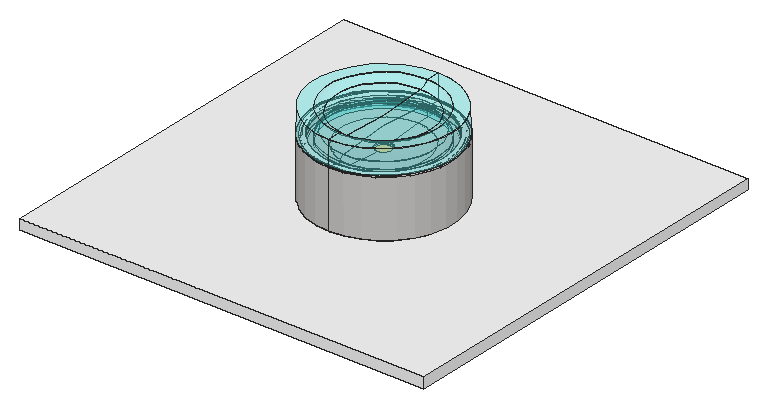
Revit family "BE_50567.2_de_DE", category Leuchten, Revit 2020
Family settings
  Basisbauteil = Fläche
  Bemaßung runder Anschluss = Durchmesser verwenden
  Teiletyp = Normal
  Beim Laden mit Abzugskörper schneiden = Ja
  Lichtquelle = Ja
  Gemeinsam genutzt = Nein
  Raumberechnungspunkt = Ja
Parameters (values of type "BEGA_50567.2_K3")
  built-in parameter 1150104 = 14.016 (stored number, unit not read)
  Wattage = 11.5 W
  Default Elevation = 0 mm
  built-in parameter 1150113 = 1 (stored number, unit not read)
  built-in parameter 1114218 = 1 (stored number, unit not read)
  Umgebungstemperatur = "25 °C"
  URL = "https://www.bega.com/de/produkt/50567.2"
  Typenkommentare = "© 2023 BEGA. Wir behalten uns das Recht vor, technische Änderungen ohne vorherige Ankündigung vorzunehmen."  # constant formula
  built-in parameter 1150134 = (empty or 0)
  built-in parameter 1150109 = 1 (stored number, unit not read)
  Strom = ""
  built-in parameter 1150110 = 1 (stored number, unit not read)
  Spannung = 239.996 V
  Sonderanfertigung = no
  Seriennummer [instance] = "Hier können Sie die eindeutige Seriennummer für das Facility Management eintragen."
  Schutzklasse = "I"
  Schutzart = "IP 20"
  Scheinlast = 0 VA
  Produktdatenblatt = "https://cdn.bega.com/bega/products/50567.2K3/current/documents/data-sheets/de"
  Oberflächentemperatur = ""
  Neigungswinkel = 0.00°
  Modell = "50567.2K3"
  Material_17 = BEGA_Reflektor
  Material_15 = BEGA_Leuchtmedium_matt
  Material_09 = BEGA_Glas_klar
  Material_06 = BEGA_Oberfläche_Edelstahl_gebürstet
  Material_05 = BEGA_Oberfläche_Aluminium Guss
  M_W = no
  M_G = no
  M_A = no
  Logo = 0
  built-in parameter 1114217 = 1 (stored number, unit not read)
  built-in parameter 1150139 = (empty or 0)
  built-in parameter 1150105 = 138.07 (stored number, unit not read)
  built-in parameter 1150114 = 1 (stored number, unit not read)
  Lumens = 1735 lm
  built-in parameter 1150115 = 1 (stored number, unit not read)
  Leuchtenlichtstrom = "1389 lm"
  Leuchtenanzahl = ""
  Lebensdauerkriterien = "L70B50 @ 25 °C = 200000 h"
  Lastklassifizierung = Beleuchtung
  built-in parameter 1150112 = 1 (stored number, unit not read)
  Lampenlichtstrom = "1735 lm"
  Lampe = "LED 11.5 W"
  LED_Modulbezeichnung = "LED-0800/930"
  Hersteller = "BEGA"  # constant formula
  Halbstreuwinkel = ""
  Gewicht = "1.3 kg"
  Gebrauchslageneinschränkung [instance] = ""
  Frequenz = "0/50-60 Hz"
  Farbwiedergabeindex = "CRI > 90"
  Farbtemperaturverschiebung bei Dämpfen der Lampe = <Keine Auswahl>
  Farbtemperatur = "3000 K"
  Color Filter = 16777215
  built-in parameter 1150133 = 10 (stored number, unit not read)
  Energieeffizienzklasse = "LED A++ - A"
  built-in parameter 1150137 = (empty or 0)
  built-in parameter 1150132 = (empty or 0)
  ENEC = "ja"
  Dimmbar [instance] = "on/off"
  Datei für fotometrisches Netz = "BE_50567K3.IES"
  CE_Konformität = "ja"
  Bestellnummer = "50567.2K3"
  Beschreibung_Sonderanfertigung = "Hier können Sie Informationen zur Sonderanfertigung eintragen."
  Beschreibung = "Deckenleuchte"
  built-in parameter 1150106 = 1.3807 (stored number, unit not read)
  Befestigungsbohrung = "Ø 4,5 mm"
  Befestigungsabstand = "112 mm"
  Ballwurfsicher = ""
  BEGA_Intern_aus = yes
  BEGA_Intern_an = yes
  BEGA_Intern_Konstruktion = yes
  BEGA_Intern = yes
  BEGA_IES = yes
  BEGA_Dummy = no
  Anschlussleitung = ""
  Anschlussleistung [instance] = "13.5 W"
  Anschlusskasten = ""
  built-in parameter 1150107 = 3000 (stored number, unit not read)
  built-in parameter 1150102 = (empty or 0)
  built-in parameter 1150138 = (empty or 0)
  Aktualisierung = "2023-02-23T04:00:03"
  Abstand_zur_angestrahlten_Fläche [instance] = ""
  AC/DC = "AC/DC"
Types (2, lengths in mm): name | built-in parameter 1150104 | Modell | built-in parameter 1150105 | Lumens | Leuchtenlichtstrom | Lampenlichtstrom | LED_Modulbezeichnung | Farbtemperatur | Datei für fotometrisches Netz | Bestellnummer | built-in parameter 1150106 | built-in parameter 1150107
  BEGA_50567.2_K3 | 14.016 (stored number, unit not read) | "50567.2K3" | 138.07 (stored number, unit not read) | 1735 lm | "1389 lm" | "1735 lm" | "LED-0800/930" | "3000 K" | "BE_50567K3.IES" | "50567.2K3" | 1.3807 (stored number, unit not read) | 3000 (stored number, unit not read)
  BEGA_50567.2_K27 | 13.451 (stored number, unit not read) | "50567.2K27" | 132.49 (stored number, unit not read) | 1664.97 lm | "1333 lm" | "1665 lm" | "LED-0800/927" | "2700 K" | "BE_50567K27.ies" | "50567.2K27" | 1.3249 (stored number, unit not read) | 2700 (stored number, unit not read)
Reference planes
  plane 1 "Mitte (Vorne/Hinten)": y = 0
  plane 2: z = 0
  plane 3 "Mitte (Links/Rechts)": x = 0
  plane 4 "Links": x = -68.14
  plane 5 "Rechts": x = 68.264
  plane 6 "Unten": y = -68.001
  plane 7 "Oben": y = 68.001
  plane 8 "Vorne": z = 81.815
  plane 9 "Hinten": z = 0
Forms (mm)
  Extrusion 1, solid, material "BEGA_Platte_Weiss"
    sketch origin (0, -1119.2, 0) x (1, 0, 0) y (0, 1, 0)
      loop
        line (-200, 1319.2) -> (-200, 919.2) -> (200, 919.2) -> (200, 1319.2) -> (-200, 1319.2)
    from 0 to -10
  Extrusion 2, solid, material "BEGA_Dummy_matt", visible <- "BEGA_Dummy"
    sketch origin (77.149, -76.023, 0) x (1, 0, 0) y (0, 1, 0)
      loop
        circle (-77.149, 76.023) r 68
    from 0 to 81.815
Dimensions and locks
  plane 1 "Mitte (Vorne/Hinten)" to Extrusion 1 = 200 mm
  aligned and locked: Extrusion 1 to plane 2
  aligned and locked: Extrusion 1 to level
Nested families
  nested 1: "BE_50567.2_Leuchte" at (0, 0, 0), type "BE_50567.2_Leuchte"
Connectors
  electrical at (0, 0, 0), driven by "Lastklassifizierung", driven by "Spannung", driven by "Scheinlast"
    settings: index 1, voltage 239.996 V, apparent load 0 VA, apparent load phase1 0 VA, apparent load phase2 0 VA, apparent load phase3 0 VA, power factor 1, load classification "Beleuchtung", number of poles 1, system type 31, power factor state 1, is connector primary yes, connector utility no, sub classification motor no, connector description ""
Definition of nested family "BE_50567.2_Leuchte"
  Parameters (values of type "BE_50567.2_Leuchte")
    Default Elevation = 1 mm
    URL = "http://www.bega.de/de/produkt"
    Type Comments = "© 2015 BEGA. Wir behalten uns das Recht vor, technische Änderungen ohne vorherige Ankündigung vorzunehmen. "  # constant formula
    Type Image = (empty or 0)
    Material_17 = none
    Material_15 = none
    Material_09 = none
    Material_06 = none
    Material_05 = none
    Länge_Platte = 200 mm  # constant formula
    Höhe_Platte = -10 mm  # constant formula
    Manufacturer = "BEGA"  # constant formula
    Breite_Platte = 200 mm  # constant formula
  Reference planes
    plane 1 "Mitte (Oben/Unten)": y = 0
    plane 2: z = 0
    plane 3 "Mitte (Links/Rechts)": x = 0
    plane 4: z = 0
    plane 5: z = 81.815
    plane 6: x = 68.001
    plane 7: x = -68.001
    plane 8: y = 68.001
    plane 9: y = -68.001
  Forms (mm)
    Extrusion 1, solid, detail levels medium
      sketch origin (0, 0, 0) x (1, 0, 0) y (0, 1, 0)
        loop
          line (-100, 100) -> (-100, -100) -> (100, -100) -> (100, 100) -> (-100, 100)
      from 0 to -10 <- "Höhe_Platte"
    Revolve 2, solid, material <- "Material_05"
      sketch origin (0, 0, 0) x (0, 1, 0) y (0, 0, 1)
        loop
          line (-61.925, 0) -> (-61.75, 10) -> (0, 10) -> (0, 12) -> (-64.1, 12) -> (-64.1, 2.999) -> (-66.5, 2.915) -> (-66.5, 0) -> (-61.925, 0)
        axis (0, 12) -> (0, 0)
      angle from 0 to 360
    Extrusion 3, void
      sketch origin (0, 0, 0) x (1, 0, 0) y (0, 1, 0)
        loop
          arc (-9.624, 53.136) -> (-51.64, 15.788) -> (-37.692, -38.67) r 54
          line (-37.692, -38.67) -> (9.624, -53.136)
          arc (9.624, -53.136) -> (24.576, -48.084) -> (37.428, -38.925) r 54
          line (37.428, -38.925) -> (52.796, 11.34)
          arc (52.796, 11.34) -> (47.262, 26.121) -> (37.692, 38.67) r 54
          line (37.692, 38.67) -> (-9.624, 53.136)
      from 0 to 12
    Extrusion 4, solid, material <- "Material_05"
      sketch origin (0, 0, 0) x (1, 0, 0) y (0, 1, 0)
        loop
          circle (16.373, 53.553) r 5.01
        loop
          circle (-16.373, -53.553) r 5.01
      from 0 to 10
    Extrusion 5, void
      sketch origin (0, 0, 0) x (1, 0, 0) y (0, 1, 0)
        loop
          circle (16.373, 53.553) r 2.25
        loop
          circle (-16.373, -53.553) r 2.25
      from 0 to 12
    Revolve 6, solid, material <- "Material_06"
      sketch origin (0, 0, 0) x (0, 1, 0) y (0, 0, 1)
        loop
          line (-67.9, 1.002) -> (-66.8, 1.002) -> (-66.8, 3.2) -> (-64.516, 3.2) -> (-64.43, 8.1) -> (-65.55, 8.1) -> (-65.55, 13.1) -> (-64.096, 15.618) -> (-63.35, 37) -> (0, 37) -> (0, 42) -> (-63.326, 42) -> (-63.85, 57) -> (-68.001, 57) -> (-67.9, 1.002)
        axis (0, 57) -> (0, 1.002)
      angle from 0 to 360
    Extrusion 7, solid, material <- "Material_15"
      sketch origin (0, 0, 0) x (1, 0, 0) y (0, 1, 0)
        loop
          circle (0, 0) r 7.25
      from 42 to 43.541
    Revolve 8, solid, material <- "Material_17"
      sketch origin (0, 0, 0) x (0, 1, 0) y (0, 0, 1)
        loop
          line (61.75, 48.714) -> (41.75, 48.714) -> (8.373, 45.501) -> (8.5, 44.709) -> (41.788, 47.914) -> (61.75, 47.914) -> (61.75, 48.714)
        axis (0, 48.714) -> (0, 44.709)
      angle from 0 to 360
    Revolve 9, solid, material <- "Material_05"
      sketch origin (0, 0, 0) x (0, 1, 0) y (0, 0, 1)
        loop
          line (65.796, 57.796) -> (60.65, 57.796) -> (60.65, 55.21)
          arc (60.65, 55.21) -> (61.284, 54.735) -> (61.588, 54.003) r 1.5
          line (61.588, 54.003) -> (62.15, 47.58) -> (62.15, 45.5) -> (63.098, 45.498) -> (63.5, 57) -> (65.796, 57) -> (65.796, 57.796)
        axis (0, 57.796) -> (0, 45.498)
      angle from 0 to 360
    Revolve 10, solid, material <- "Material_09"
      sketch origin (0, 0, 0) x (0, 1, 0) y (0, 0, 1)
        loop
          line (67.581, 81.815) -> (54, 81.815)
          arc (54, 81.815) -> (50.756, 78.079) -> (46.118, 76.355) r 10
          arc (46.118, 76.355) -> (23.094, 74.451) -> (0, 73.816) r 419.833
          line (0, 73.816) -> (0, 64.815)
          arc (0, 64.815) -> (25.062, 63.784) -> (49.955, 60.697) r 305.043
          arc (49.955, 60.697) -> (52.864, 59.096) -> (54.129, 56.026) r 5
          line (54.129, 56.026) -> (54.246, 53.793) -> (54.246, 48.714) -> (59.198, 48.714) -> (60.016, 51.036) -> (60.37, 57.796) -> (68, 57.796) -> (67.581, 81.815)
        axis (0, 81.815) -> (0, 48.714)
      angle from 0 to 360
  Cuts and joins
    Extrusion 3, Extrusion 5 cuts Revolve 2
    Extrusion 5 cuts Extrusion 4
    joined: Revolve 2, Extrusion 4
  Dimensions and locks
    equal spacing: Extrusion 1 sketch curve, plane 3 "Mitte (Links/Rechts)", Extrusion 1 sketch curve
    equal spacing: Extrusion 1 sketch curve, plane 1 "Mitte (Oben/Unten)", Extrusion 1 sketch curve
    "Länge_Platte": Extrusion 1 sketch curve to Extrusion 1 sketch curve
    "Breite_Platte": Extrusion 1 sketch curve to Extrusion 1 sketch curve
    plane 1 "Mitte (Oben/Unten)" to Extrusion 1 = 100 mm  (x3)
    aligned and locked: Extrusion 1 to plane 2
    aligned and locked: Extrusion 1 to level
  Automatic sketch dimensions
    level to Revolve 2 sketch curve = 0 mm
    Revolve 2 sketch curve to Revolve 2 sketch curve = 2.35 mm
    Revolve 2 sketch curve to Revolve 2 sketch curve = 61.75 mm
    Revolve 2 sketch curve to Revolve 2 sketch curve = 2 mm
    level to Revolve 2 sketch curve = 2.915 mm
    level to Revolve 2 sketch curve = 2.999 mm
    Revolve 2 sketch curve to Revolve 2 sketch curve = 2.175 mm
    Revolve 2 sketch curve to Revolve 2 sketch curve = 2.4 mm
    Revolve 2 sketch curve to plane 1 "Mitte (Oben/Unten)" = 0 mm  (x2)
    level to Revolve 2 sketch curve = 10 mm
    Revolve 2 sketch curve to level = 609.6 mm
    Revolve 2 sketch curve to Revolve 2 sketch curve = 2331.807 mm
    plane 1 "Mitte (Oben/Unten)" to Extrusion 3 sketch curve = 0 mm
    Extrusion 3 sketch curve to plane 3 "Mitte (Links/Rechts)" = 0 mm
    Extrusion 3 sketch curve to plane 3 "Mitte (Links/Rechts)" = 37.692 mm
    plane 1 "Mitte (Oben/Unten)" to Extrusion 3 sketch curve = 38.67 mm
    Extrusion 3 sketch curve to plane 3 "Mitte (Links/Rechts)" = 9.624 mm
    plane 3 "Mitte (Links/Rechts)" to Extrusion 3 sketch curve = 9.624 mm
    Extrusion 3 sketch curve to Extrusion 3 sketch curve = 14.466 mm
    Extrusion 3 sketch curve to Extrusion 3 sketch curve = 0 mm  (x4)
    Extrusion 3 sketch curve to Extrusion 3 sketch curve = 27.804 mm
    plane 3 "Mitte (Links/Rechts)" to Extrusion 3 sketch curve = 37.692 mm
    Extrusion 3 sketch curve to plane 1 "Mitte (Oben/Unten)" = 11.34 mm
    Extrusion 3 sketch curve to Extrusion 3 sketch curve = 15.368 mm
    Revolve 6 sketch curve to plane 1 "Mitte (Oben/Unten)" = 0 mm
    plane 1 "Mitte (Oben/Unten)" to Revolve 6 sketch curve = 63.326 mm
    Revolve 6 sketch curve to Revolve 6 sketch curve = 0.023 mm
    Revolve 6 sketch curve to Revolve 6 sketch curve = 0.524 mm
    level to Revolve 6 sketch curve = 15.618 mm
    Revolve 6 sketch curve to Revolve 6 sketch curve = 0.747 mm
    Revolve 6 sketch curve to Revolve 6 sketch curve = 0.334 mm
    Revolve 6 sketch curve to Revolve 6 sketch curve = 0.086 mm
    level to Revolve 6 sketch curve = 13.1 mm
    Revolve 6 sketch curve to Revolve 6 sketch curve = 1.454 mm
    Revolve 6 sketch curve to Revolve 6 sketch curve = 2.284 mm
    Revolve 6 sketch curve to Revolve 6 sketch curve = 4.151 mm
    Revolve 6 sketch curve to Revolve 6 sketch curve = 5 mm  (x2)
    level to Revolve 6 sketch curve = 3.2 mm
    Revolve 6 sketch curve to Revolve 6 sketch curve = 21.382 mm
    Revolve 6 sketch curve to Revolve 6 sketch curve = 15 mm
    level to Revolve 6 sketch curve = 1.002 mm
    Revolve 6 sketch curve to Revolve 6 sketch curve = 1.1 mm
    Revolve 8 sketch curve to plane 1 "Mitte (Oben/Unten)" = 61.75 mm
    level to Revolve 8 sketch curve = 47.914 mm
    Revolve 8 sketch curve to Revolve 8 sketch curve = 20 mm
    Revolve 8 sketch curve to Revolve 8 sketch curve = 0.038 mm
    Revolve 8 sketch curve to plane 1 "Mitte (Oben/Unten)" = 8.5 mm
    Revolve 8 sketch curve to Revolve 8 sketch curve = 3.205 mm
    Revolve 8 sketch curve to Revolve 8 sketch curve = 0.127 mm
    Revolve 8 sketch curve to Revolve 8 sketch curve = 0.791 mm
    Revolve 8 sketch curve to Revolve 8 sketch curve = 0.8 mm
    Revolve 9 sketch curve to plane 1 "Mitte (Oben/Unten)" = 0 mm
    Revolve 9 sketch curve to plane 1 "Mitte (Oben/Unten)" = 60.1 mm
    Revolve 9 sketch curve to Revolve 9 sketch curve = 0.55 mm
    Revolve 9 sketch curve to Revolve 9 sketch curve = 1.488 mm
    Revolve 9 sketch curve to Revolve 9 sketch curve = 1.51 mm
    Revolve 9 sketch curve to Revolve 9 sketch curve = 2.85 mm
    Revolve 9 sketch curve to Revolve 9 sketch curve = 2.296 mm
    level to Revolve 9 sketch curve = 45.498 mm
    Revolve 9 sketch curve to Revolve 9 sketch curve = 8.316 mm
    Revolve 9 sketch curve to Revolve 9 sketch curve = 0.189 mm
    Revolve 9 sketch curve to Revolve 9 sketch curve = 2.997 mm
    Revolve 9 sketch curve to Revolve 9 sketch curve = 2.586 mm
    Revolve 9 sketch curve to Revolve 9 sketch curve = 0.948 mm
    Revolve 9 sketch curve to Revolve 9 sketch curve = 0.002 mm
    Revolve 9 sketch curve to level = 609.6 mm
    Revolve 9 sketch curve to Revolve 9 sketch curve = 2.082 mm
    Revolve 9 sketch curve to Revolve 9 sketch curve = 2286.011 mm
    plane 1 "Mitte (Oben/Unten)" to Revolve 10 sketch curve = 0.004 mm
    Revolve 10 sketch curve to plane 1 "Mitte (Oben/Unten)" = 0.011 mm
    Revolve 10 sketch curve to plane 1 "Mitte (Oben/Unten)" = 45.062 mm
    Revolve 10 sketch curve to Revolve 10 sketch curve = 4.074 mm
    Revolve 10 sketch curve to Revolve 10 sketch curve = 8.938 mm
    Revolve 10 sketch curve to Revolve 10 sketch curve = 5.11 mm
    Revolve 10 sketch curve to Revolve 10 sketch curve = 4.952 mm
    Revolve 10 sketch curve to Revolve 10 sketch curve = 0.818 mm
    Revolve 10 sketch curve to Revolve 10 sketch curve = 0.354 mm
    Revolve 10 sketch curve to Revolve 10 sketch curve = 13.581 mm
    Revolve 10 sketch curve to Revolve 10 sketch curve = 7.63 mm
    Revolve 10 sketch curve to level = 240.228 mm
    level to Revolve 10 sketch curve = 48.714 mm
    Revolve 10 sketch curve to Revolve 10 sketch curve = 2.321 mm
    Revolve 10 sketch curve to Revolve 10 sketch curve = 5.078 mm
    Revolve 10 sketch curve to Revolve 10 sketch curve = 1.971 mm
    Revolve 10 sketch curve to Revolve 10 sketch curve = 6.76 mm
    Revolve 10 sketch curve to Revolve 10 sketch curve = 24.019 mm
    Revolve 10 sketch curve to Revolve 10 sketch curve = 4.484 mm
    Revolve 10 sketch curve to Revolve 10 sketch curve = 407.349 mm
    Revolve 10 sketch curve to Revolve 10 sketch curve = 7.882 mm
    Revolve 10 sketch curve to Revolve 10 sketch curve = 0.819 mm
    Revolve 10 sketch curve to Revolve 10 sketch curve = 0 mm  (x4)
    Revolve 10 sketch curve to Revolve 10 sketch curve = 0.117 mm
    Revolve 10 sketch curve to Revolve 10 sketch curve = 2.233 mm
    Revolve 10 sketch curve to plane 1 "Mitte (Oben/Unten)" = 0 mm
